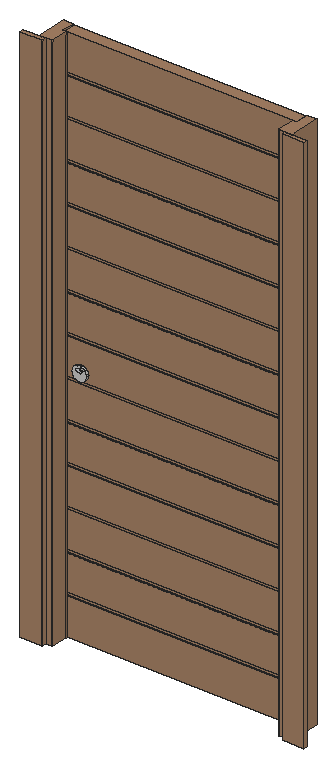
Revit family "DAL_A3-TD10", category Doors, host Wall, Revit 2016
Family settings
  Host = Wall
  Always vertical = Yes
  Cut with Voids When Loaded = No
  Shared = No
  Room Calculation Point = No
Parameters (values of type "TD10 813 x 2032mm")
  Panel:Semi-Solid [instance] = not(Panel:Braced Battened)  # yes
  Panel:Braced Battened [instance] = no
  Panel Width = "813"
  Panel Visibility [instance] = not(Over Swing)  # yes
  Panel Height = "1890"
  Over Swing [instance] = no
  Other = "Hinges as supplied by manufacturer. Manufacturer to take note of door weight and to supply hinges accordingly."
  Note = "All quantities & dimensions to be checked on site by contractor prior to ordering of any material, final quantities to be verified by architect. Schedules to be read in conjunction with latest floor layout drawings & finishing schedules."
  Model = ""
  Manufacturer = "Duro Pressings (Pty) Ltd."
  Ironmongery Type [instance] = ""
  Height = 2064 mm
  Wall Closure = By host
  Width = 877 mm
  Hand [instance] = ""
  Glass Finish = none
  Function = Interior
  Frame Centre = 57.5 mm
  Door Panel Finish = "Stop with polyfilla spackle. Ensure that surfaces to be coated are clean, dry, firm and dust free. Apply 2-3 coats paint as specified."
  Door Panel Colour [instance] = "To be specified."
  Door Panel = "Purpose Made Semi-solid Medium Duty flush panel door leaf. 40mm thick with masonite veneer faces suitable for painting and edges to match veneer."
  Door Frame Finish = "Red oxide primer factory finish as supplied by manufacturer. Prepare and paint one coat namelcoat zinc chromate metal primer. 1 coat merit universal undercoat and 2 coats gloss enamel paint colour as per finishing schedule."
  Door Frame Colour [instance] = "To be specified."
  Door Frame = "Purpose Made 1,2mm thick pressed metal steel frame with double rebate complete with lugs and base ties as supplied by manufacturer suitable for 115mm wall."
  Description = "Purpose Made"
  Construction Type = "TD10"
  Assembly Code = ""
Reference planes
  plane 1: y = 0
  plane 2 "Center (Left/Right)": x = 0
  plane 3 "Left": x = -438.5
  plane 4 "Right": x = 438.5
  plane 5: z = 2064
  plane 6 "Exterior": y = 54
  plane 7 "Interior": y = -54
  plane 8 "Frame Edge": y = 64
  plane 9 "Frame Centre": y = -3.5
  plane 10 "Wall Edge": y = 54
  plane 11 "Glass": y = 34
  plane 12: x = -346.5
Forms (mm)
  Sweep 1, solid, material "Door Veneer"
    path origin (0, 54, 0) x (1, 0, 0) y (0, 0, 1)
      loop
        line (438.5, 144.948) -> (438.5, 2032)
    profile "Timber Framre 77mm : Timber Framre 77mm" origin (438.5, 54, 1088.474) x (-1, 0, 0) y (0, -1, 0)
      loop
        line (22.144, 109) -> (22.144, 119)
        arc (22.144, 119) -> (21.266, 121.121) -> (19.144, 122) r 3
        line (19.144, 122) -> (-54.856, 122) -> (-54.856, 109) -> (22.144, 109)
      loop
        line (0, 0) -> (29, 0)
        arc (29, 0) -> (31.121, 0.879) -> (32, 3) r 3
        line (32, 3) -> (32, 44) -> (42, 44)
        arc (42, 44) -> (44.121, 44.879) -> (45, 47) r 3
        line (45, 47) -> (45, 105)
        arc (45, 105) -> (44.121, 107.121) -> (42, 108) r 3
        line (42, 108) -> (0, 108) -> (0, 0)
  Extrusion 2, solid, material "Door Veneer", visible <- "Panel:Semi-Solid"
    sketch origin (0, 64, 0) x (1, 0, 0) y (0, 0, 1)
      loop
        line (403.5, 144.948) -> (403.5, 2029) -> (-403.5, 2029) -> (-403.5, 144.948) -> (403.5, 144.948)
    from 10 to 50
  Extrusion 3, void
    sketch origin (28.107, -20, 1448.948) x (0, 1, 0) y (0, 0, 1)
      loop
        line (38, 455) -> (32, 455) -> (32, 443) -> (38, 443) -> (38, 455)
    from -431.607 to 375.393
  Extrusion 4, void
    sketch origin (28.107, 144, 1448.948) x (0, -1, 0) y (0, 0, -1)
      loop
        line (94, -455) -> (94, -443) -> (88, -443) -> (88, -455) -> (94, -455)
    from -431.607 to 375.393
  Extrusion 5, void
    sketch origin (28.107, -20, 1313.948) x (0, 1, 0) y (0, 0, 1)
      loop
        line (38, 455) -> (32, 455) -> (32, 443) -> (38, 443) -> (38, 455)
    from -431.607 to 375.393
  Extrusion 6, void
    sketch origin (28.107, 144, 1313.948) x (0, -1, 0) y (0, 0, -1)
      loop
        line (94, -455) -> (94, -443) -> (88, -443) -> (88, -455) -> (94, -455)
    from -431.607 to 375.393
  Extrusion 7, void
    sketch origin (28.107, -20, 1178.948) x (0, 1, 0) y (0, 0, 1)
      loop
        line (38, 455) -> (32, 455) -> (32, 443) -> (38, 443) -> (38, 455)
    from -431.607 to 375.393
  Extrusion 8, void
    sketch origin (28.107, 144, 1178.948) x (0, -1, 0) y (0, 0, -1)
      loop
        line (94, -455) -> (94, -443) -> (88, -443) -> (88, -455) -> (94, -455)
    from -431.607 to 375.393
  Extrusion 9, void
    sketch origin (28.107, -20, 1043.948) x (0, 1, 0) y (0, 0, 1)
      loop
        line (38, 455) -> (32, 455) -> (32, 443) -> (38, 443) -> (38, 455)
    from -431.607 to 375.393
  Extrusion 10, void
    sketch origin (28.107, 144, 1043.948) x (0, -1, 0) y (0, 0, -1)
      loop
        line (94, -455) -> (94, -443) -> (88, -443) -> (88, -455) -> (94, -455)
    from -431.607 to 375.393
  Extrusion 11, void
    sketch origin (28.107, -20, 908.948) x (0, 1, 0) y (0, 0, 1)
      loop
        line (38, 455) -> (32, 455) -> (32, 443) -> (38, 443) -> (38, 455)
    from -431.607 to 375.393
  Extrusion 12, void
    sketch origin (28.107, 144, 908.948) x (0, -1, 0) y (0, 0, -1)
      loop
        line (94, -455) -> (94, -443) -> (88, -443) -> (88, -455) -> (94, -455)
    from -431.607 to 375.393
  Extrusion 13, void
    sketch origin (28.107, -20, 773.948) x (0, 1, 0) y (0, 0, 1)
      loop
        line (38, 455) -> (32, 455) -> (32, 443) -> (38, 443) -> (38, 455)
    from -431.607 to 375.393
  Extrusion 14, void
    sketch origin (28.107, 144, 773.948) x (0, -1, 0) y (0, 0, -1)
      loop
        line (94, -455) -> (94, -443) -> (88, -443) -> (88, -455) -> (94, -455)
    from -431.607 to 375.393
  Extrusion 15, void
    sketch origin (28.107, -20, 638.948) x (0, 1, 0) y (0, 0, 1)
      loop
        line (38, 455) -> (32, 455) -> (32, 443) -> (38, 443) -> (38, 455)
    from -431.607 to 375.393
  Extrusion 16, void
    sketch origin (28.107, 144, 638.948) x (0, -1, 0) y (0, 0, -1)
      loop
        line (94, -455) -> (94, -443) -> (88, -443) -> (88, -455) -> (94, -455)
    from -431.607 to 375.393
  Extrusion 17, void
    sketch origin (28.107, -20, 503.948) x (0, 1, 0) y (0, 0, 1)
      loop
        line (38, 455) -> (32, 455) -> (32, 443) -> (38, 443) -> (38, 455)
    from -431.607 to 375.393
  Extrusion 18, void
    sketch origin (28.107, 144, 503.948) x (0, -1, 0) y (0, 0, -1)
      loop
        line (94, -455) -> (94, -443) -> (88, -443) -> (88, -455) -> (94, -455)
    from -431.607 to 375.393
  Extrusion 19, void
    sketch origin (28.107, -20, 368.948) x (0, 1, 0) y (0, 0, 1)
      loop
        line (38, 455) -> (32, 455) -> (32, 443) -> (38, 443) -> (38, 455)
    from -431.607 to 375.393
  Extrusion 20, void
    sketch origin (28.107, 144, 368.948) x (0, -1, 0) y (0, 0, -1)
      loop
        line (94, -455) -> (94, -443) -> (88, -443) -> (88, -455) -> (94, -455)
    from -431.607 to 375.393
  Extrusion 21, void
    sketch origin (28.107, -20, 233.948) x (0, 1, 0) y (0, 0, 1)
      loop
        line (38, 455) -> (32, 455) -> (32, 443) -> (38, 443) -> (38, 455)
    from -431.607 to 375.393
  Extrusion 22, void
    sketch origin (28.107, 144, 233.948) x (0, -1, 0) y (0, 0, -1)
      loop
        line (94, -455) -> (94, -443) -> (88, -443) -> (88, -455) -> (94, -455)
    from -431.607 to 375.393
  Extrusion 23, void
    sketch origin (28.107, -20, 98.948) x (0, 1, 0) y (0, 0, 1)
      loop
        line (38, 455) -> (32, 455) -> (32, 443) -> (38, 443) -> (38, 455)
    from -431.607 to 375.393
  Extrusion 24, void
    sketch origin (28.107, 144, 98.948) x (0, -1, 0) y (0, 0, -1)
      loop
        line (94, -455) -> (94, -443) -> (88, -443) -> (88, -455) -> (94, -455)
    from -431.607 to 375.393
  Extrusion 25, void
    sketch origin (28.107, -20, -36.052) x (0, 1, 0) y (0, 0, 1)
      loop
        line (38, 455) -> (32, 455) -> (32, 443) -> (38, 443) -> (38, 455)
    from -431.607 to 375.393
  Extrusion 26, void
    sketch origin (28.107, 144, -36.052) x (0, -1, 0) y (0, 0, -1)
      loop
        line (94, -455) -> (94, -443) -> (88, -443) -> (88, -455) -> (94, -455)
    from -431.607 to 375.393
  Extrusion 27, void
    sketch origin (28.107, -20, -171.052) x (0, 1, 0) y (0, 0, 1)
      loop
        line (38, 455) -> (32, 455) -> (32, 443) -> (38, 443) -> (38, 455)
    from -431.607 to 375.393
  Extrusion 28, void
    sketch origin (28.107, 144, -171.052) x (0, -1, 0) y (0, 0, -1)
      loop
        line (94, -455) -> (94, -443) -> (88, -443) -> (88, -455) -> (94, -455)
    from -431.607 to 375.393
  Sweep 29, solid, material "Door Veneer"
    path origin (0, 54, 0) x (-1, 0, 0) y (0, 0, 1)
      loop
        line (438.5, 144.948) -> (438.5, 2032)
    profile "Timber Framre 77mm : Timber Framre 77mm" origin (-438.5, 54, 1088.474) x (-1, 0, 0) y (0, -1, 0)
      loop
        line (-22.144, 109) -> (54.856, 109) -> (54.856, 122) -> (-19.144, 122)
        arc (-19.144, 122) -> (-21.266, 121.121) -> (-22.144, 119) r 3
        line (-22.144, 119) -> (-22.144, 109)
      loop
        line (0, 0) -> (0, 108) -> (-42, 108)
        arc (-42, 108) -> (-44.121, 107.121) -> (-45, 105) r 3
        line (-45, 105) -> (-45, 47)
        arc (-45, 47) -> (-44.121, 44.879) -> (-42, 44) r 3
        line (-42, 44) -> (-32, 44) -> (-32, 3)
        arc (-32, 3) -> (-31.121, 0.879) -> (-29, 0) r 3
        line (-29, 0) -> (0, 0)
Cuts and joins
  Extrusion 3, Extrusion 4, Extrusion 5, Extrusion 6, Extrusion 7, Extrusion 8, Extrusion 9, Extrusion 10, Extrusion 11, Extrusion 12, Extrusion 13, Extrusion 14, Extrusion 15, Extrusion 16, Extrusion 17, Extrusion 18, Extrusion 19, Extrusion 20, Extrusion 21, Extrusion 22, Extrusion 23, Extrusion 24, Extrusion 25, Extrusion 26, Extrusion 27, Extrusion 28 cuts Sweep 1
  Extrusion 3, Extrusion 4, Extrusion 5, Extrusion 6, Extrusion 7, Extrusion 8, Extrusion 9, Extrusion 10, Extrusion 11, Extrusion 12, Extrusion 13, Extrusion 14, Extrusion 15, Extrusion 16, Extrusion 17, Extrusion 18, Extrusion 19, Extrusion 20, Extrusion 21, Extrusion 22, Extrusion 23, Extrusion 24, Extrusion 25, Extrusion 26, Extrusion 27, Extrusion 28 cuts Extrusion 2
Lines and regions (mm)
  Opening 1
    outline origin (-3050, -54, 0) x (1, 0, 0) y (0, 0, 1)
      loop
        line (2611.5, 0) -> (3488.5, 0) -> (3488.5, 2064) -> (2611.5, 2064) -> (2611.5, 0)
  symbolic lines, style "Elevation Swing"
    curve 1: line (-403.5, -54, 1032) -> (403.5, -54, 144.948)
    curve 2: line (-403.5, 54, 1032) -> (403.5, 54, 2029)
  symbolic lines, style "DoorsPanelProjection", visible <- "Panel Visibility"
    curve 3: line (403.5, 64, 0) -> (403.5, 871, 0)
    curve 4: line (359.5, 871, 0) -> (359.5, 64, 0)
    curve 8: line (359.5, 871, 0) -> (403.5, 871, 0)
    curve 9: line (359.5, 64, 0) -> (403.5, 64, 0)
  symbolic lines, style "Plan Swing"
    curve 5: arc (-403.5, 64, 0) -> (-167.135, 634.635, 0) -> (403.5, 871, 0) r 807
  symbolic lines, style "Overhead"
    curve 6: line (-438.5, -54, 0) -> (438.5, -54, 0)
    curve 7: line (-438.5, 54, 0) -> (438.5, 54, 0)
Text (mm)
  text "Exterior" at (0, 1615.38, 3698.081), in view "Left"
  text "Exterior" at (0, 1036.032, 3874.932), in view "Right"
Dimensions and locks
  equal spacing: plane 3 "Left", plane 2 "Center (Left/Right)", plane 4 "Right"
  "Width": plane 3 "Left" to plane 4 "Right"
  "Height": plane 5 to host wall
  equal spacing: host wall, curve 1, plane 5
  equal spacing: host wall, curve 2, plane 5
  locked: plane 6 "Exterior" to host wall at 0
  locked: plane 7 "Interior" to host wall
  plane 9 "Frame Centre" to plane 10 "Wall Edge" to plane 8 "Frame Edge" = 57.5 mm locked, 10 mm locked
  "Frame Centre": plane 9 "Frame Centre" to plane 6 "Exterior"
  curve 5 to curve 3 = 807 mm
  curve 4 to curve 3 = 44 mm
  nested 1 to cut or joined group 1 (Extrusion 2, Extrusion 3, Extrusion 4, Extrusion 5, Extrusion 6, Extrusion 7, Extrusion 8, Extrusion 9, Extrusion 10, Extrusion 11, Extrusion 12, Extrusion 13, Extrusion 14, Extrusion 15, Extrusion 16, Extrusion 17, Extrusion 18, Extrusion 19, Extrusion 20, Extrusion 21, Extrusion 22, Extrusion 23, Extrusion 24, Extrusion 25, Extrusion 26, Extrusion 27, Extrusion 28) = 41 mm
  level to nested 1 = 1221 mm
  aligned and locked: plane 3 "Left" to Opening 1 sketch curve
  aligned and locked: plane 5 to Opening 1 sketch curve  (x2)
  aligned and locked: Opening 1 sketch curve to plane 4 "Right"
  aligned and locked: Opening 1 sketch curve to level
  aligned and locked: plane 1 to host wall
  aligned and locked: plane 7 "Interior" to curve 6
  aligned and locked: plane 3 "Left" to curve 7
  aligned and locked: plane 4 "Right" to curve 7
  aligned and locked: nested 1 to cut or joined group 1
  aligned and locked: nested 2 to cut or joined group 1
Automatic sketch dimensions
  curve 6 to plane 3 "Left" = 0 mm
  plane 8 "Frame Edge" to curve 5 = 0 mm
  plane 8 "Frame Edge" to curve 4 = 0 mm
  plane 8 "Frame Edge" to curve 3 = 0 mm
  curve 6 to plane 4 "Right" = 0 mm
  curve 7 to host wall = 0 mm
  curve 5 to plane 3 "Left" = 35 mm
  plane 4 "Right" to curve 8 = 79 mm
  plane 5 to curve 2 = 35 mm
  curve 1 to plane 3 "Left" = 35 mm
  curve 1 to curve 2 = 0 mm
  plane 4 "Right" to curve 1 = 35 mm
  level to curve 1 = 144.948 mm
  curve 2 to curve 1 = 0 mm
  plane 4 "Right" to curve 2 = 35 mm
  plane 4 "Right" to Sweep 1 sketch curve = 0 mm
  level to Sweep 1 sketch curve = 144.948 mm
  plane 5 to Sweep 1 sketch curve = 32 mm
  Extrusion 2 sketch curve to plane 3 "Left" = 35 mm
  plane 4 "Right" to Extrusion 2 sketch curve = 35 mm
  level to Extrusion 2 sketch curve = 144.948 mm
  plane 5 to Extrusion 2 sketch curve = 35 mm
  plane 8 "Frame Edge" to curve 9 = 0 mm
  plane 4 "Right" to curve 9 = 79 mm
  plane 4 "Right" to curve 9 = 35 mm
  Extrusion 3 sketch curve to host wall = 12 mm
  Extrusion 3 sketch curve to Extrusion 3 sketch curve = 6 mm
  plane 5 to Extrusion 3 sketch curve = 172.052 mm
  Extrusion 3 sketch curve to Extrusion 3 sketch curve = 12 mm
  host wall to Extrusion 4 sketch curve = 2 mm
  Extrusion 4 sketch curve to host wall = 4 mm
  plane 5 to Extrusion 4 sketch curve = 160.052 mm
  Extrusion 4 sketch curve to Extrusion 4 sketch curve = 12 mm
  Extrusion 5 sketch curve to host wall = 12 mm
  Extrusion 5 sketch curve to Extrusion 5 sketch curve = 6 mm
  plane 5 to Extrusion 5 sketch curve = 307.052 mm
  Extrusion 5 sketch curve to Extrusion 5 sketch curve = 12 mm
  host wall to Extrusion 6 sketch curve = 2 mm
  Extrusion 6 sketch curve to host wall = 4 mm
  plane 5 to Extrusion 6 sketch curve = 295.052 mm
  Extrusion 6 sketch curve to Extrusion 6 sketch curve = 12 mm
  Extrusion 7 sketch curve to host wall = 12 mm
  Extrusion 7 sketch curve to Extrusion 7 sketch curve = 6 mm
  plane 5 to Extrusion 7 sketch curve = 442.052 mm
  Extrusion 7 sketch curve to Extrusion 7 sketch curve = 12 mm
  host wall to Extrusion 8 sketch curve = 2 mm
  Extrusion 8 sketch curve to host wall = 4 mm
  plane 5 to Extrusion 8 sketch curve = 430.052 mm
  Extrusion 8 sketch curve to Extrusion 8 sketch curve = 12 mm
  Extrusion 9 sketch curve to host wall = 12 mm
  Extrusion 9 sketch curve to Extrusion 9 sketch curve = 6 mm
  plane 5 to Extrusion 9 sketch curve = 577.052 mm
  Extrusion 9 sketch curve to Extrusion 9 sketch curve = 12 mm
  host wall to Extrusion 10 sketch curve = 2 mm
  Extrusion 10 sketch curve to host wall = 4 mm
  plane 5 to Extrusion 10 sketch curve = 565.052 mm
  Extrusion 10 sketch curve to Extrusion 10 sketch curve = 12 mm
  Extrusion 11 sketch curve to host wall = 12 mm
  Extrusion 11 sketch curve to Extrusion 11 sketch curve = 6 mm
  plane 5 to Extrusion 11 sketch curve = 712.052 mm
  Extrusion 11 sketch curve to Extrusion 11 sketch curve = 12 mm
  host wall to Extrusion 12 sketch curve = 2 mm
  Extrusion 12 sketch curve to host wall = 4 mm
  plane 5 to Extrusion 12 sketch curve = 700.052 mm
  Extrusion 12 sketch curve to Extrusion 12 sketch curve = 12 mm
  Extrusion 13 sketch curve to host wall = 12 mm
  Extrusion 13 sketch curve to Extrusion 13 sketch curve = 6 mm
  plane 5 to Extrusion 13 sketch curve = 847.052 mm
  Extrusion 13 sketch curve to Extrusion 13 sketch curve = 12 mm
  host wall to Extrusion 14 sketch curve = 2 mm
  Extrusion 14 sketch curve to host wall = 4 mm
  plane 5 to Extrusion 14 sketch curve = 835.052 mm
  Extrusion 14 sketch curve to Extrusion 14 sketch curve = 12 mm
  Extrusion 15 sketch curve to host wall = 12 mm
  Extrusion 15 sketch curve to Extrusion 15 sketch curve = 6 mm
  plane 5 to Extrusion 15 sketch curve = 982.052 mm
  Extrusion 15 sketch curve to Extrusion 15 sketch curve = 12 mm
  host wall to Extrusion 16 sketch curve = 2 mm
  Extrusion 16 sketch curve to host wall = 4 mm
  plane 5 to Extrusion 16 sketch curve = 970.052 mm
  Extrusion 16 sketch curve to Extrusion 16 sketch curve = 12 mm
  Extrusion 17 sketch curve to host wall = 12 mm
  Extrusion 17 sketch curve to Extrusion 17 sketch curve = 6 mm
  level to Extrusion 17 sketch curve = 946.948 mm
  Extrusion 17 sketch curve to Extrusion 17 sketch curve = 12 mm
  host wall to Extrusion 18 sketch curve = 2 mm
  Extrusion 18 sketch curve to host wall = 4 mm
  level to Extrusion 18 sketch curve = 958.948 mm
  Extrusion 18 sketch curve to Extrusion 18 sketch curve = 12 mm
  Extrusion 19 sketch curve to host wall = 12 mm
  Extrusion 19 sketch curve to Extrusion 19 sketch curve = 6 mm
  level to Extrusion 19 sketch curve = 811.948 mm
  Extrusion 19 sketch curve to Extrusion 19 sketch curve = 12 mm
  host wall to Extrusion 20 sketch curve = 2 mm
  Extrusion 20 sketch curve to host wall = 4 mm
  level to Extrusion 20 sketch curve = 823.948 mm
  Extrusion 20 sketch curve to Extrusion 20 sketch curve = 12 mm
  Extrusion 21 sketch curve to host wall = 12 mm
  Extrusion 21 sketch curve to Extrusion 21 sketch curve = 6 mm
  level to Extrusion 21 sketch curve = 676.948 mm
  Extrusion 21 sketch curve to Extrusion 21 sketch curve = 12 mm
  host wall to Extrusion 22 sketch curve = 2 mm
  Extrusion 22 sketch curve to host wall = 4 mm
  level to Extrusion 22 sketch curve = 688.948 mm
  Extrusion 22 sketch curve to Extrusion 22 sketch curve = 12 mm
  Extrusion 23 sketch curve to host wall = 12 mm
  Extrusion 23 sketch curve to Extrusion 23 sketch curve = 6 mm
  level to Extrusion 23 sketch curve = 541.948 mm
  Extrusion 23 sketch curve to Extrusion 23 sketch curve = 12 mm
  host wall to Extrusion 24 sketch curve = 2 mm
  Extrusion 24 sketch curve to host wall = 4 mm
  level to Extrusion 24 sketch curve = 553.948 mm
  Extrusion 24 sketch curve to Extrusion 24 sketch curve = 12 mm
  Extrusion 25 sketch curve to host wall = 12 mm
  Extrusion 25 sketch curve to Extrusion 25 sketch curve = 6 mm
  level to Extrusion 25 sketch curve = 406.948 mm
  Extrusion 25 sketch curve to Extrusion 25 sketch curve = 12 mm
  host wall to Extrusion 26 sketch curve = 2 mm
  Extrusion 26 sketch curve to host wall = 4 mm
  level to Extrusion 26 sketch curve = 418.948 mm
  Extrusion 26 sketch curve to Extrusion 26 sketch curve = 12 mm
  Extrusion 27 sketch curve to host wall = 12 mm
  Extrusion 27 sketch curve to Extrusion 27 sketch curve = 6 mm
  level to Extrusion 27 sketch curve = 271.948 mm
  Extrusion 27 sketch curve to Extrusion 27 sketch curve = 12 mm
  host wall to Extrusion 28 sketch curve = 2 mm
  Extrusion 28 sketch curve to host wall = 4 mm
  level to Extrusion 28 sketch curve = 283.948 mm
  Extrusion 28 sketch curve to Extrusion 28 sketch curve = 12 mm
  plane 3 "Left" to Sweep 29 sketch curve = 0 mm
  Sweep 29 sketch curve to level = 144.948 mm
  Sweep 29 sketch curve to plane 5 = 32 mm
Nested families
  nested 1: "Pull Handle Straight 200x25mm" at (-346.5, 54, 1221), type "Pull Handle Straight 200x25mm"
  nested 2: "Indicator" at (-421.5, 14, 982) x (-1, 0, 0) z (0, 0, 1), type "Indicator"
  nested 3: "Indicator Handle" at (-421.5, 54, 982) x (-1, 0, 0) z (0, 0, 1), type "Indicator Handle"
Definition of nested family "Pull Handle Straight 200x25mm"
  Parameters
    Material Ironmongery = none
    Handle/Panel Offset = 65 mm
    Handle Z Distance = 0 mm
    Handle X Distance = 25 mm
    Handle Radius = 11 mm
    Handle Length = 200 mm
    Handle Spindle Offset = 25 mm
    Function = (empty or 0)
  Reference planes
    plane 1 "Center (Front/Back)": y = 0
    plane 2: z = 0
    plane 3 "C/L Handel": x = 0
    plane 4: z = 0
    plane 5: z = 100
    plane 6: z = -100
    plane 7: z = 75
    plane 8: z = -75
    plane 9 "Center (Left/Right)": x = -25
    plane 10: y = 65
  Forms (mm)
    Extrusion 1, solid, material <- "Material Ironmongery"
      sketch origin (0, 0, 0) x (1, 0, 0) y (0, 0, 1)
        loop
          circle (0, 75) r 11
        loop
          circle (0, -75) r 11
      from 0 to -65
    Revolve 2, solid, material <- "Material Ironmongery"
      sketch origin (0, 65, 0) x (1, 0, 0) y (0, 0, 1)
        loop
          line (0, 100) -> (-12.5, 100) -> (-12.5, -100) -> (0, -100) -> (0, 100)
        axis (0, -100) -> (0, 100)
      angle from 0 to 360
    Extrusion 3, solid
      sketch origin (0, 0, 0) x (1, 0, 0) y (0, 0, 1)
        loop
          circle (0, 75) r 16
        loop
          circle (0, -75) r 16
      from 0 to -5
  Dimensions and locks
    "Handle Z Distance": plane 4 to level
    equal spacing: plane 5, plane 4, plane 6
    "Handle Length": plane 5 to plane 6
    "Handle Spindle Offset": plane 5 to plane 7
    "Handle Spindle Offset": plane 8 to plane 6
    "Handle X Distance": plane 9 "Center (Left/Right)" to plane 3 "C/L Handel"
    "Handle/Panel Offset": plane 10 to plane 1 "Center (Front/Back)"
    plane 10 to plane 1 "Center (Front/Back)" = 65 mm
    plane 6 to plane 8 to plane 7 to plane 5 = 25 mm, 150 mm, 25 mm
    plane 6 to plane 5 = 200 mm
    "Handle Radius": radius of Extrusion 1 sketch curve  (x2)
    aligned and locked: plane 10 to Extrusion 1
    aligned and locked: Extrusion 1 to plane 1 "Center (Front/Back)"
  Automatic sketch dimensions
    Extrusion 1 sketch curve to plane 3 "C/L Handel" = 0 mm  (x2)
    Extrusion 1 sketch curve to plane 8 = 0 mm
    Extrusion 1 sketch curve to plane 7 = 0 mm
    Revolve 2 sketch curve to plane 6 = 0 mm
    Revolve 2 sketch curve to plane 3 "C/L Handel" = 0 mm  (x2)
    Revolve 2 sketch curve to plane 5 = 0 mm
    plane 6 to Revolve 2 sketch curve = 25 mm
    Revolve 2 sketch curve to plane 5 = 45 mm
    Revolve 2 sketch curve to Revolve 2 sketch curve = 12.5 mm
    Extrusion 3 sketch curve to plane 3 "C/L Handel" = 0 mm  (x2)
    Extrusion 3 sketch curve to plane 8 = 0 mm
    Extrusion 3 sketch curve to plane 7 = 0 mm
    radius of Extrusion 3 sketch curve = 16 mm  (x2)
Definition of nested family "Indicator"
  Parameters
    Material Ironmongery = none
    Handle/Panel Offset = 65 mm
    Handle Z Distance = 0 mm
    Handle X Distance = 75 mm
    Handle Radius = 11 mm
    Handle Length = 400 mm
    Handle Spindle Offset = 125 mm
    Function = (empty or 0)
    Assembly Code = ""
  Reference planes
    plane 1 "Center (Front/Back)": y = 0
    plane 2: z = 0
    plane 3 "C/L Handel": x = 0
    plane 4: z = 0
    plane 5: z = 200
    plane 6: z = -200
    plane 7: z = 75
    plane 8: z = -75
    plane 9 "Center (Left/Right)": x = -75
    plane 10: y = 65
  Forms (mm)
    Extrusion 1, solid
      sketch origin (0.592, 0, 1.775) x (1, 0, 0) y (0, 0, 1)
        loop
          circle (-75, 0) r 25
        loop
          line (-87.612, 10.246) -> (-81.249, 3.882)
          arc (-81.249, 3.882) -> (-75.592, 6.225) -> (-69.935, 3.882) r 8
          line (-69.935, 3.882) -> (-63.571, 10.246)
          arc (-63.571, 10.246) -> (-75.592, 15.225) -> (-87.612, 10.246) r 17
      from 0 to -8
    Extrusion 2, solid
      sketch origin (0, 0, 0) x (1, 0, 0) y (0, 0, 1)
        loop
          line (-69.343, 5.657) -> (-62.979, 12.021)
          arc (-62.979, 12.021) -> (-75, 17) -> (-87.021, 12.021) r 17
          line (-87.021, 12.021) -> (-80.657, 5.657)
          arc (-80.657, 5.657) -> (-75, 8) -> (-69.343, 5.657) r 8
      from 0 to -9
  Dimensions and locks
    "Handle Z Distance": plane 4 to level
    equal spacing: plane 5, plane 4, plane 6
    "Handle Length": plane 5 to plane 6
    "Handle Spindle Offset": plane 5 to plane 7
    "Handle Spindle Offset": plane 8 to plane 6
    "Handle X Distance": plane 9 "Center (Left/Right)" to plane 3 "C/L Handel"
    "Handle/Panel Offset": plane 10 to plane 1 "Center (Front/Back)"
    plane 10 to plane 1 "Center (Front/Back)" = 65 mm
    plane 6 to plane 8 to plane 7 to plane 5 = 125 mm, 150 mm, 125 mm
  Automatic sketch dimensions
    level to Extrusion 1 sketch curve = 1.775 mm
    plane 9 "Center (Left/Right)" to Extrusion 1 sketch curve = 0.592 mm
    level to Extrusion 2 sketch curve = 5.657 mm  (x2)
    plane 9 "Center (Left/Right)" to Extrusion 2 sketch curve = 5.657 mm
    Extrusion 2 sketch curve to level = 0 mm
    Extrusion 2 sketch curve to plane 9 "Center (Left/Right)" = 0 mm
    plane 9 "Center (Left/Right)" to Extrusion 2 sketch curve = 12.021 mm
    level to Extrusion 2 sketch curve = 12.021 mm  (x2)
    Extrusion 2 sketch curve to Extrusion 2 sketch curve = 0 mm  (x2)
    Extrusion 1 sketch curve to Extrusion 1 sketch curve = 0 mm  (x2)
    Extrusion 1 sketch curve to level = 0 mm
    Extrusion 1 sketch curve to plane 9 "Center (Left/Right)" = 0 mm
    Extrusion 1 sketch curve to plane 9 "Center (Left/Right)" = 5.657 mm
    Extrusion 1 sketch curve to Extrusion 1 sketch curve = 6.364 mm  (x3)
    plane 9 "Center (Left/Right)" to Extrusion 1 sketch curve = 5.657 mm
    level to Extrusion 1 sketch curve = 5.657 mm
    radius of Extrusion 1 sketch curve = 25 mm
Definition of nested family "Indicator Handle"
  Parameters
    Material Ironmongery = none
    Handle/Panel Offset = 65 mm
    Handle Z Distance = 0 mm
    Handle X Distance = 75 mm
    Handle Radius = 11 mm
    Handle Length = 400 mm
    Handle Spindle Offset = 125 mm
    Function = (empty or 0)
    Assembly Code = ""
  Reference planes
    plane 1 "Center (Front/Back)": y = 0
    plane 2: z = 0
    plane 3 "C/L Handel": x = 0
    plane 4: z = 0
    plane 5: z = 200
    plane 6: z = -200
    plane 7: z = 75
    plane 8: z = -75
    plane 9 "Center (Left/Right)": x = -75
    plane 10: y = 65
  Forms (mm)
    Extrusion 1, solid
      sketch origin (0.592, 0, 1.775) x (1, 0, 0) y (0, 0, 1)
        loop
          circle (-75, -1.775) r 25
      from 0 to -8
    Extrusion 2, solid
      sketch origin (0, 0, 0) x (1, 0, 0) y (0, 0, 1)
        loop
          arc (-60.564, -6.006) -> (-57.028, -4.541) -> (-55.564, -1.006) r 5
          line (-55.564, -1.006) -> (-55.564, 0.994)
          arc (-55.564, 0.994) -> (-57.028, 4.53) -> (-60.564, 5.994) r 5
          line (-60.564, 5.994) -> (-115.564, 5.994)
          arc (-115.564, 5.994) -> (-119.099, 4.53) -> (-120.564, 0.994) r 5
          line (-120.564, 0.994) -> (-120.564, -1.006)
          arc (-120.564, -1.006) -> (-119.099, -4.541) -> (-115.564, -6.006) r 5
          line (-115.564, -6.006) -> (-60.564, -6.006)
      from -9 to -25
  Dimensions and locks
    "Handle Z Distance": plane 4 to level
    equal spacing: plane 5, plane 4, plane 6
    "Handle Length": plane 5 to plane 6
    "Handle Spindle Offset": plane 5 to plane 7
    "Handle Spindle Offset": plane 8 to plane 6
    "Handle X Distance": plane 9 "Center (Left/Right)" to plane 3 "C/L Handel"
    "Handle/Panel Offset": plane 10 to plane 1 "Center (Front/Back)"
    plane 10 to plane 1 "Center (Front/Back)" = 65 mm
    plane 6 to plane 8 to plane 7 to plane 5 = 125 mm, 150 mm, 125 mm
  Automatic sketch dimensions
    level to Extrusion 1 sketch curve = 0 mm
    plane 9 "Center (Left/Right)" to Extrusion 1 sketch curve = 0.592 mm
    level to Extrusion 2 sketch curve = 0.994 mm
    Extrusion 2 sketch curve to plane 9 "Center (Left/Right)" = 45.564 mm
    level to Extrusion 2 sketch curve = 5.994 mm
    Extrusion 2 sketch curve to Extrusion 2 sketch curve = 0 mm  (x2)
    Extrusion 2 sketch curve to level = 6.006 mm
    plane 9 "Center (Left/Right)" to Extrusion 2 sketch curve = 14.436 mm
    Extrusion 2 sketch curve to level = 1.006 mm
    radius of Extrusion 1 sketch curve = 25 mm
